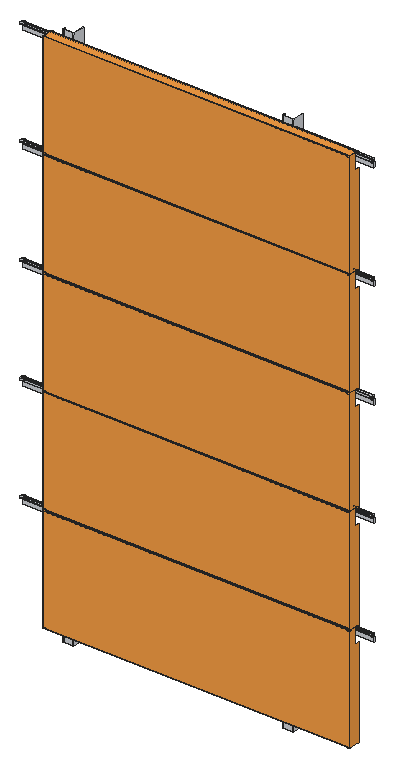
Revit family "HD062-2016.04.29-BT-ScreenPanel_J", category Generic Models, Revit 2016
Family settings
  Part Type = Normal
  Can host rebar = No
  Round Connector Dimension = Use Diameter
  Work Plane-Based = No
  Always vertical = Yes
  Cut with Voids When Loaded = No
  Shared = No
  Room Calculation Point = No
Parameters (values of type "Productos HD")
  URL = "http://www.hunterdouglas.cl/ap/cl/linea/fachadas/9ygpaneles-screen/screenpanel_"
  Material = Metal
  ID_Source = "BIMTOOL"
  ID_Objeto = "BT_F_F_335"
  BT_Web_del_Producto = "http://www.hunterdouglas.cl/ap/cl/linea/fachadas/9ygpaneles-screen/screenpanel_"
  BT_Uso = "Exterior / Interior"
  BT_SKU = "003627"
  BT_Profundidad = "3500 mm (alto)"
  BT_Peso = "N/A"
  BT_OmniClass™ = ""
  BT_Nombre_Tecnico = "ScreenPanel J"
  BT_Nombre_Corto = "ScreenPanel J"
  BT_Nombre_Comercial = "ScreenPanel J"
  BT_Material = "AZ-AL-ACC"
  BT_MasterFormat® = "07 42 13"
  BT_Marca = "Hunter Douglas"
  BT_Linea = "A pedido"
  BT_Itemizado_Estandar_CDT = "D 01 08 04"
  BT_Fabricante = "Hunter Douglas"
  BT_Especialidad = "Arquitectura"
  BT_Elemento = "Paneles y Revestimientos verticales"
  BT_EETT = "El panel deberá tener una geometría rectangular y plana, formado por\r\n\r\nun fleje tipo piel, plegado en todo su perímetro, con un espesor total \r\n\r\nde 50mm,\r\n\r\nEl panel es fabricado en aluzinc con un espesor de 1 ó 1,2mm\r\n\r\nEl avance útil del panel es de 484mm.\r\n\r\nEl esquema de pintura considera la aplicación de un primer poliéster \r\n\r\nde secado al horno por ambas caras, con un espesor de 5 ± 2 micras, \r\n\r\ny la aplicación de un esmalte de terminación poliéster secado al horno \r\n\r\npor ambas caras, con un espesor total de 25 ± 2 micras (incluido el \r\n\r\nprimer).\r\n\r\nLa instalación del panel deberá ser Horizontal y considera el uso de \r\n\r\nun perfil guia tipo J de dimensiones 50 x 18mm en espesor 1,5mm y \r\n\r\nmaterial aluzinc\r\n\r\nOpciones de perforado estándar: #110M1 - #110M3 - #111 - #114 -\r\n\r\n#115 - #116 - #401 - #402 - #403 - #150 - #151 - #405 - #406 -\r\n\r\n#407 - #408 - #420"
  BT_Descripcion = "Screenpanel J"
  BT_Color = "100 colores"
  BT_Codigo_Origen = "HD062"
  BT_Ancho = "50 mm (espesor)"
  BT_Alto = "481 modulo maximo"
Reference planes
  plane 1 "Center (Front/Back)": y = 0
  plane 2: z = 0
  plane 3 "Center (Left/Right)": x = 0
Dimensions and locks
  aligned and locked: level to plane 2
Nested families
  nested 1: "PANEL J CENTRAL" at (-240, -65.401, 60) x (-1, 0, 0) z (0, 0, 1), type "PANEL J CENTRAL"
    with ancho cara 1400 mm
  nested 2: "perfil j" at (1231.545, -31.597, 498.046) x (-1, 0, 0) z (0, 0, 1), type "perfil j"
    with Largo perfil 1600 mm
  nested 3: "Perfil Mullion Estandar" at (-120, 0, 0) x (0, 1, 0) z (0, 0, 1), type "Perfil mullion"
  nested 4: "PANEL J CENTRAL" at (-240, -65.401, 544.018) x (-1, 0, 0) z (0, 0, 1), type "PANEL J CENTRAL"
    with ancho cara 1400 mm
  nested 5: "perfil j" at (1231.545, -31.597, 982.063) x (-1, 0, 0) z (0, 0, 1), type "perfil j"
    with Largo perfil 1600 mm
  nested 6: "PANEL J CENTRAL" at (-240, -65.401, 1028.035) x (-1, 0, 0) z (0, 0, 1), type "PANEL J CENTRAL"
    with ancho cara 1400 mm
  nested 7: "perfil j" at (1231.545, -31.597, 1466.081) x (-1, 0, 0) z (0, 0, 1), type "perfil j"
    with Largo perfil 1600 mm
  nested 8: "PANEL J CENTRAL" at (-240, -65.401, 1512.053) x (-1, 0, 0) z (0, 0, 1), type "PANEL J CENTRAL"
    with ancho cara 1400 mm
  nested 9: "perfil j" at (1231.545, -31.597, 1950.099) x (-1, 0, 0) z (0, 0, 1), type "perfil j"
    with Largo perfil 1600 mm
  nested 10: "PANEL J CENTRAL" at (-240, -65.401, 1996.071) x (-1, 0, 0) z (0, 0, 1), type "PANEL J CENTRAL"
    with ancho cara 1400 mm
  nested 11: "perfil j" at (1231.545, -31.597, 2434.116) x (-1, 0, 0) z (0, 0, 1), type "perfil j"
    with Largo perfil 1600 mm
  nested 12: "Perfil Mullion Estandar" at (880, 0, 0) x (0, 1, 0) z (0, 0, 1), type "Perfil mullion"
Definition of nested family "PANEL J CENTRAL"
  Parameters (values of type "PANEL J CENTRAL")
    modulo = 481 mm
    espesor = 1 mm
    destaje = 70 mm
    ancho cara = 1000 mm
    Material = none
  Reference planes
    plane 1 "Center (Front/Back)": y = 0
    plane 2: z = 0
    plane 3 "Center (Left/Right)": x = 0
    plane 4: z = 481
    plane 5: z = 411
    plane 6: x = -999
    plane 7: x = -1000
    plane 8: y = -1
  Forms (mm)
    Extrusion 1, solid, material <- "Material"
      sketch origin (-249, 0, 0) x (0, 1, 0) y (0, 0, 1)
        loop
          arc (-1.633, 481.004) -> (-0.478, 480.526) -> (0, 479.371) r 1.633
          line (0, 479.371) -> (0, 2.041)
          arc (0, 2.041) -> (-0.598, 0.598) -> (-2.041, 0) r 2.041
          line (-2.041, 0) -> (-48.98, 0)
          arc (-48.98, 0) -> (-50.423, 0.598) -> (-51.02, 2.041) r 2.041
          line (-51.02, 2.041) -> (-51.02, 15) -> (-50, 15) -> (-50, 16.065) -> (-51.02, 16.065) -> (-51.02, 411) -> (-30.612, 411) -> (-30.612, 478.986) -> (-47.967, 478.38)
          arc (-47.967, 478.38) -> (-48.677, 478.056) -> (-48.951, 477.325) r 1.02
          line (-48.951, 477.325) -> (-48.47, 463.558) -> (-49.49, 463.522) -> (-49.968, 477.224)
          arc (-49.968, 477.224) -> (-49.421, 478.687) -> (-48, 479.334) r 2.041
          line (-48, 479.334) -> (-1.702, 480.951)
      from -751 to -750
    Extrusion 2, solid, material <- "Material"
      sketch origin (0, 0, 0) x (0, 1, 0) y (0, 0, 1)
        loop
          line (-30.63, 478.92) -> (-2.076, 479.917)
          arc (-2.076, 479.917) -> (-1.332, 479.631) -> (-1.02, 478.897) r 1.02
          line (-1.02, 478.897) -> (-1.02, 2.041)
          arc (-1.02, 2.041) -> (-1.319, 1.319) -> (-2.041, 1.02) r 1.02
          line (-2.041, 1.02) -> (-48.98, 1.02)
          arc (-48.98, 1.02) -> (-49.701, 1.319) -> (-50, 2.041) r 1.02
          line (-50, 2.041) -> (-50, 15) -> (-51.02, 15) -> (-51.02, 2.041)
          arc (-51.02, 2.041) -> (-50.423, 0.598) -> (-48.98, 0) r 2.041
          line (-48.98, 0) -> (-2.041, 0)
          arc (-2.041, 0) -> (-0.598, 0.598) -> (0, 2.041) r 2.041
          line (0, 2.041) -> (0, 479.371)
          arc (0, 479.371) -> (-0.654, 480.678) -> (-2.093, 480.938) r 1.633
          line (-2.093, 480.938) -> (-48, 479.334)
          arc (-48, 479.334) -> (-49.421, 478.687) -> (-49.968, 477.224) r 2.041
          line (-49.968, 477.224) -> (-49.488, 463.457) -> (-48.468, 463.492) -> (-48.951, 477.325)
          arc (-48.951, 477.325) -> (-48.677, 478.056) -> (-47.967, 478.38) r 1.02
          line (-47.967, 478.38) -> (-30.612, 478.986)
      from -999 to -1
    Extrusion 3, solid, material <- "Material"
      sketch origin (-1002, 0, 0) x (0, 1, 0) y (0, 0, -1)
        loop
          arc (-1.633, -481.004) -> (-0.478, -480.526) -> (0, -479.371) r 1.633
          line (0, -479.371) -> (0, -2.041)
          arc (0, -2.041) -> (-0.598, -0.598) -> (-2.041, 0) r 2.041
          line (-2.041, 0) -> (-48.98, 0)
          arc (-48.98, 0) -> (-50.423, -0.598) -> (-51.02, -2.041) r 2.041
          line (-51.02, -2.041) -> (-51.02, -15) -> (-50, -15) -> (-50, -16.065) -> (-51.02, -16.065) -> (-51.02, -411) -> (-30.612, -411) -> (-30.612, -478.986) -> (-47.967, -478.38)
          arc (-47.967, -478.38) -> (-48.677, -478.056) -> (-48.951, -477.325) r 1.02
          line (-48.951, -477.325) -> (-48.47, -463.558) -> (-49.49, -463.522) -> (-49.968, -477.224)
          arc (-49.968, -477.224) -> (-49.421, -478.687) -> (-48, -479.334) r 2.041
          line (-48, -479.334) -> (-1.702, -480.951)
      from -1002 to -1001
  Dimensions and locks
    "modulo": level to plane 4
    "destaje": plane 5 to plane 4
    "espesor": plane 1 "Center (Front/Back)" to plane 8
    "espesor": plane 7 to plane 6
    "ancho cara": plane 3 "Center (Left/Right)" to plane 7
    aligned and locked: level to plane 2
    aligned and locked: Extrusion 1 to plane 7
    aligned and locked: Extrusion 1 to plane 6
    aligned and locked: Extrusion 2 to Extrusion 1
  Automatic sketch dimensions
    Extrusion 1 sketch curve to plane 5 = 0 mm
    Extrusion 1 sketch curve to level = 0 mm
    Extrusion 1 sketch curve to plane 1 "Center (Front/Back)" = 0 mm
    Extrusion 1 sketch curve to plane 8 = 0.633 mm
    Extrusion 1 sketch curve to plane 8 = 1.041 mm
    plane 4 to Extrusion 1 sketch curve = 2.014 mm
    Extrusion 1 sketch curve to Extrusion 1 sketch curve = 28.98 mm
    plane 4 to Extrusion 1 sketch curve = 3.705 mm
    Extrusion 1 sketch curve to Extrusion 1 sketch curve = 17.317 mm
    Extrusion 1 sketch curve to Extrusion 1 sketch curve = 0.002 mm
    plane 4 to Extrusion 1 sketch curve = 2.62 mm
    Extrusion 1 sketch curve to Extrusion 1 sketch curve = 0.036 mm
    plane 4 to Extrusion 1 sketch curve = 1.666 mm
    Extrusion 1 sketch curve to Extrusion 1 sketch curve = 0.033 mm
    plane 4 to Extrusion 1 sketch curve = 17.442 mm
    Extrusion 1 sketch curve to Extrusion 1 sketch curve = 0.541 mm
    plane 4 to Extrusion 1 sketch curve = 3.675 mm
    Extrusion 1 sketch curve to Extrusion 1 sketch curve = 1.02 mm  (x3)
    Extrusion 1 sketch curve to Extrusion 1 sketch curve = 46.939 mm
    plane 4 to Extrusion 1 sketch curve = 3.776 mm
    Extrusion 1 sketch curve to Extrusion 1 sketch curve = 20.408 mm
    Extrusion 1 sketch curve to Extrusion 1 sketch curve = 12.959 mm
    Extrusion 1 sketch curve to Extrusion 1 sketch curve = 1.065 mm
    plane 4 to Extrusion 1 sketch curve = 1.629 mm
    plane 4 to Extrusion 1 sketch curve = 0.049 mm
    Extrusion 1 sketch curve to Extrusion 1 sketch curve = 0.069 mm
    Extrusion 2 sketch curve to Extrusion 2 sketch curve = 0 mm  (x4)
    Extrusion 2 sketch curve to level = 0 mm
    Extrusion 2 sketch curve to plane 1 "Center (Front/Back)" = 0 mm
    Extrusion 2 sketch curve to plane 8 = 0.02 mm
    Extrusion 2 sketch curve to plane 8 = 0.633 mm
    Extrusion 2 sketch curve to plane 8 = 1.041 mm
    Extrusion 2 sketch curve to Extrusion 2 sketch curve = 0.408 mm
    Extrusion 2 sketch curve to Extrusion 2 sketch curve = 0.444 mm
    plane 4 to Extrusion 2 sketch curve = 0.062 mm
    Extrusion 2 sketch curve to Extrusion 2 sketch curve = 0.016 mm
    plane 4 to Extrusion 2 sketch curve = 3.705 mm
    Extrusion 2 sketch curve to Extrusion 2 sketch curve = 45.888 mm
    Extrusion 2 sketch curve to Extrusion 2 sketch curve = 0.002 mm
    plane 4 to Extrusion 2 sketch curve = 2.62 mm
    Extrusion 2 sketch curve to Extrusion 2 sketch curve = 0.036 mm
    plane 4 to Extrusion 2 sketch curve = 1.666 mm
    Extrusion 2 sketch curve to Extrusion 2 sketch curve = 0.033 mm
    plane 4 to Extrusion 2 sketch curve = 17.508 mm
    Extrusion 2 sketch curve to Extrusion 2 sketch curve = 0.539 mm
    plane 4 to Extrusion 2 sketch curve = 3.675 mm
    Extrusion 2 sketch curve to Extrusion 2 sketch curve = 1.02 mm  (x2)
    Extrusion 2 sketch curve to Extrusion 2 sketch curve = 46.939 mm
    plane 4 to Extrusion 2 sketch curve = 3.776 mm
    Extrusion 2 sketch curve to Extrusion 2 sketch curve = 12.959 mm
    Extrusion 2 sketch curve to Extrusion 2 sketch curve = 0.474 mm
    plane 4 to Extrusion 2 sketch curve = 2.014 mm
    Extrusion 2 sketch curve to Extrusion 2 sketch curve = 17.355 mm
    plane 4 to Extrusion 2 sketch curve = 2.08 mm
    Extrusion 2 sketch curve to Extrusion 2 sketch curve = 0.018 mm
    plane 5 to Extrusion 3 sketch curve = 0 mm
    Extrusion 3 sketch curve to level = 0 mm
    Extrusion 3 sketch curve to plane 1 "Center (Front/Back)" = 0 mm
    Extrusion 3 sketch curve to plane 8 = 0.633 mm
    Extrusion 3 sketch curve to plane 8 = 1.041 mm
    plane 4 to Extrusion 3 sketch curve = 2.014 mm
    Extrusion 3 sketch curve to Extrusion 3 sketch curve = 28.98 mm
    plane 4 to Extrusion 3 sketch curve = 3.705 mm
    Extrusion 3 sketch curve to Extrusion 3 sketch curve = 17.317 mm
    Extrusion 3 sketch curve to Extrusion 3 sketch curve = 0.002 mm
    plane 4 to Extrusion 3 sketch curve = 2.62 mm
    Extrusion 3 sketch curve to Extrusion 3 sketch curve = 0.036 mm
    plane 4 to Extrusion 3 sketch curve = 1.666 mm
    Extrusion 3 sketch curve to Extrusion 3 sketch curve = 0.033 mm
    plane 4 to Extrusion 3 sketch curve = 17.442 mm
    Extrusion 3 sketch curve to Extrusion 3 sketch curve = 0.541 mm
    plane 4 to Extrusion 3 sketch curve = 3.675 mm
    Extrusion 3 sketch curve to Extrusion 3 sketch curve = 1.02 mm  (x3)
    Extrusion 3 sketch curve to Extrusion 3 sketch curve = 46.939 mm
    plane 4 to Extrusion 3 sketch curve = 3.776 mm
    Extrusion 3 sketch curve to Extrusion 3 sketch curve = 20.408 mm
    plane 4 to Extrusion 3 sketch curve = 1.629 mm
    Extrusion 3 sketch curve to Extrusion 3 sketch curve = 14.024 mm
    Extrusion 3 sketch curve to Extrusion 3 sketch curve = 1.065 mm
    plane 4 to Extrusion 3 sketch curve = 0.049 mm
    Extrusion 3 sketch curve to Extrusion 3 sketch curve = 0.069 mm
Definition of nested family "perfil j"
  Parameters (values of type "perfil j")
    Largo perfil = 429.281 mm
  Reference planes
    plane 1 "Center (Front/Back)": y = 0
    plane 2: z = 0
    plane 3 "Center (Left/Right)": x = 0
    plane 4: x = 429.281
  Forms (mm)
    Extrusion 1, solid
      sketch origin (0, 0, 0) x (0, 1, 0) y (0, 0, 1)
        loop
          line (0, 32) -> (0, 37.5)
          arc (0, 37.5) -> (-0.732, 39.268) -> (-2.5, 40) r 2.5
          line (-2.5, 40) -> (-12.5, 40)
          arc (-12.5, 40) -> (-14.268, 39.268) -> (-15, 37.5) r 2.5
          line (-15, 37.5) -> (-15, 22.403) -> (-16.85, 21.958)
          arc (-16.85, 21.958) -> (-17.678, 21.429) -> (-18, 20.5) r 1.5
          line (-18, 20.5) -> (-18, 0) -> (-16.5, 0) -> (-16.5, 20.5) -> (-14.266, 21.037)
          arc (-14.266, 21.037) -> (-13.715, 21.39) -> (-13.5, 22.009) r 1
          line (-13.5, 22.009) -> (-13.5, 37.5)
          arc (-13.5, 37.5) -> (-13.207, 38.207) -> (-12.5, 38.5) r 1
          line (-12.5, 38.5) -> (-2.5, 38.5)
          arc (-2.5, 38.5) -> (-1.793, 38.207) -> (-1.5, 37.5) r 1
          line (-1.5, 37.5) -> (-1.5, 32) -> (0, 32)
      from 0 to 429.281
  Dimensions and locks
    "Largo perfil": plane 3 "Center (Left/Right)" to plane 4
    aligned and locked: level to plane 2
    aligned and locked: Extrusion 1 to plane 4
    aligned and locked: Extrusion 1 to plane 3 "Center (Left/Right)"
  Automatic sketch dimensions
    Extrusion 1 sketch curve to Extrusion 1 sketch curve = 0 mm  (x6)
    Extrusion 1 sketch curve to level = 0 mm
    Extrusion 1 sketch curve to plane 1 "Center (Front/Back)" = 0 mm
    plane 1 "Center (Front/Back)" to Extrusion 1 sketch curve = 1.5 mm
    plane 1 "Center (Front/Back)" to Extrusion 1 sketch curve = 2.5 mm
    Extrusion 1 sketch curve to Extrusion 1 sketch curve = 10 mm
    Extrusion 1 sketch curve to Extrusion 1 sketch curve = 1 mm
    Extrusion 1 sketch curve to Extrusion 1 sketch curve = 0.766 mm
    Extrusion 1 sketch curve to Extrusion 1 sketch curve = 0.5 mm
    Extrusion 1 sketch curve to Extrusion 1 sketch curve = 2.234 mm
    Extrusion 1 sketch curve to Extrusion 1 sketch curve = 0.35 mm
    Extrusion 1 sketch curve to Extrusion 1 sketch curve = 1.5 mm
    level to Extrusion 1 sketch curve = 20.5 mm
    Extrusion 1 sketch curve to Extrusion 1 sketch curve = 0.537 mm
    Extrusion 1 sketch curve to Extrusion 1 sketch curve = 0.394 mm
    Extrusion 1 sketch curve to Extrusion 1 sketch curve = 9.991 mm
    Extrusion 1 sketch curve to Extrusion 1 sketch curve = 5.5 mm
Definition of nested family "Perfil Mullion Estandar"
  Parameters (values of type "Perfil mullion")
    N° Escuadras = (Largo perfil / 1200 mm) + 1  # 3
    Largo perfil = 2500 mm
  Reference planes
    plane 1 "Center (Front/Back)": y = 0
    plane 2: z = 0
    plane 3 "Center (Left/Right)": x = 0
    plane 4: y = 581.924
    plane 5: z = 401.25
    plane 6: z = 2400
    plane 7: z = 100
  Forms (mm)
    Extrusion 1, solid
      sketch origin (41.001, 18.195, 606.924) x (1, 0, 0) y (0, 1, 0)
        loop
          line (-44.598, 48.8) -> (-44.598, 50) -> (-52.227, 50)
          arc (-52.227, 50) -> (-53.905, 49.287) -> (-54.597, 47.6) r 2.4
          line (-54.597, 47.6) -> (-54.597, 2.4)
          arc (-54.597, 2.4) -> (-53.889, 0.697) -> (-52.182, 0) r 2.4
          line (-52.182, 0) -> (0, 0) -> (0, 1.2) -> (-52.198, 1.2)
          arc (-52.198, 1.2) -> (-53.038, 1.543) -> (-53.397, 2.377) r 1.2
          line (-53.397, 2.377) -> (-53.397, 47.577)
          arc (-53.397, 47.577) -> (-53.054, 48.44) -> (-52.198, 48.8) r 1.2
          line (-52.198, 48.8) -> (-44.598, 48.8)
      from 1893.076 to -606.924
  Dimensions and locks
    "Largo perfil": Extrusion 1 to level
    locked: Extrusion 1 to plane 6 at 100
    equal spacing: group 1, group 3, group 2  (x2)
    equal spacing: group 2, group 3, group 1
    aligned and locked: level to plane 2
    aligned and locked: Extrusion 1 to level
  Automatic sketch dimensions
    Extrusion 1 sketch curve to Extrusion 1 sketch curve = 0 mm  (x11)
    Extrusion 1 sketch curve to plane 3 "Center (Left/Right)" = 12.397 mm
    Extrusion 1 sketch curve to Extrusion 1 sketch curve = 1.17 mm
    Extrusion 1 sketch curve to Extrusion 1 sketch curve = 1.2 mm  (x4)
    Extrusion 1 sketch curve to Extrusion 1 sketch curve = 0.016 mm
    Extrusion 1 sketch curve to plane 3 "Center (Left/Right)" = 3.597 mm
    Extrusion 1 sketch curve to plane 1 "Center (Front/Back)" = 19.395 mm
    plane 3 "Center (Left/Right)" to Extrusion 1 sketch curve = 41.001 mm
    Extrusion 1 sketch curve to Extrusion 1 sketch curve = 1.177 mm
    Extrusion 1 sketch curve to Extrusion 1 sketch curve = 0.023 mm  (x2)
    Extrusion 1 sketch curve to Extrusion 1 sketch curve = 45.177 mm
  Nested families
    nested 1: "Soporte Anclaje" at (41.001, 16.357, 2290) x (0, 1, 0) z (0, 0, 1), type "Soporte Anclaje"
    nested 2: "Soporte Anclaje" at (41.001, 16.357, 100) x (0, 1, 0) z (0, 0, 1), type "Soporte Anclaje"
    nested 3: "Soporte Anclaje" at (41.001, 16.357, 1195) x (0, 1, 0) z (0, 0, 1), type "Soporte Anclaje"
  Definition of nested family "Soporte Anclaje"
    Parameters (values of type "Soporte Anclaje")
      LARGO = 110 mm
      ESPESOR = 1.2 mm
      ANCHO 2 = 175 mm
      ANCHO 1 = 50 mm
    Reference planes
      plane 1 "Center (Front/Back)": y = 0
      plane 2: z = 0
      plane 3 "Center (Left/Right)": x = 0
      plane 4: z = 71.221
    Forms (mm)
      Extrusion 1, solid
        sketch origin (0, 0, 0) x (1, 0, 0) y (0, 1, 0)
          loop
            line (-175, 0) -> (-4.216, 0)
            arc (-4.216, 0) -> (-1.235, 1.235) -> (0, 4.216) r 4.216
            line (0, 4.216) -> (0, 50) -> (-1.2, 50) -> (-1.2, 4.216)
            arc (-1.2, 4.216) -> (-2.083, 2.083) -> (-4.216, 1.2) r 3.016
            line (-4.216, 1.2) -> (-175, 1.2) -> (-175, 0)
        from 0 to 110
      Extrusion 2, void
        sketch origin (1, 0, 0) x (1, 0, 0) y (0, 0, 1)
          loop
            arc (-153.5, 56.825) -> (-158.5, 51.825) -> (-153.5, 46.825) r 5
            line (-153.5, 46.825) -> (-143.5, 46.825)
            arc (-143.5, 46.825) -> (-138.5, 51.825) -> (-143.5, 56.825) r 5
            line (-143.5, 56.825) -> (-153.5, 56.825)
          loop
            arc (-36.443, 56.825) -> (-41.443, 51.825) -> (-36.443, 46.825) r 5
            line (-36.443, 46.825) -> (-26.443, 46.825)
            arc (-26.443, 46.825) -> (-21.443, 51.825) -> (-26.443, 56.825) r 5
            line (-26.443, 56.825) -> (-36.443, 56.825)
        from 20.258 to -12.964
      Extrusion 3, void
        sketch origin (0, -0.7, 0) x (0, 1, 0) y (0, 0, 1)
          loop
            circle (25.233, 84.478) r 5.5
          loop
            arc (30.733, 30.993) -> (25.233, 36.493) -> (19.733, 30.993) r 5.5
            line (19.733, 30.993) -> (19.733, 19.993)
            arc (19.733, 19.993) -> (25.233, 14.493) -> (30.733, 19.993) r 5.5
            line (30.733, 19.993) -> (30.733, 30.993)
        from 0 to -24.055
    Cuts and joins
      Extrusion 2, Extrusion 3 cuts Extrusion 1
    Dimensions and locks
      "ANCHO 2": Extrusion 1 sketch curve to Extrusion 1 sketch curve
      "ANCHO 1": Extrusion 1 sketch curve to Extrusion 1 sketch curve
      "ESPESOR": Extrusion 1 sketch curve to Extrusion 1 sketch curve  (x2)
      "LARGO": Extrusion 1 to Extrusion 1
      aligned and locked: level to plane 2
    Automatic sketch dimensions
      Extrusion 2 sketch curve to plane 4 = 19.396 mm
      Extrusion 2 sketch curve to plane 3 "Center (Left/Right)" = 152.5 mm
      Extrusion 2 sketch curve to Extrusion 2 sketch curve = 10 mm  (x2)
      Extrusion 2 sketch curve to plane 3 "Center (Left/Right)" = 35.443 mm
      Extrusion 2 sketch curve to Extrusion 2 sketch curve = 5 mm  (x2)
      Extrusion 2 sketch curve to plane 4 = 24.396 mm
      Extrusion 3 sketch curve to plane 1 "Center (Front/Back)" = 19.033 mm
      Extrusion 3 sketch curve to plane 1 "Center (Front/Back)" = 24.533 mm
      Extrusion 3 sketch curve to Extrusion 3 sketch curve = 5.5 mm
      level to Extrusion 3 sketch curve = 19.993 mm
      Extrusion 3 sketch curve to Extrusion 3 sketch curve = 11 mm
      plane 4 to Extrusion 3 sketch curve = 13.258 mm
      Extrusion 1 sketch curve to Extrusion 1 sketch curve = 0 mm  (x2)
      plane 1 "Center (Front/Back)" to Extrusion 1 sketch curve = 0 mm
      Extrusion 1 sketch curve to plane 3 "Center (Left/Right)" = 0 mm
      Extrusion 1 sketch curve to plane 3 "Center (Left/Right)" = 4.216 mm
      radius of Extrusion 3 sketch curve = 5.5 mm
